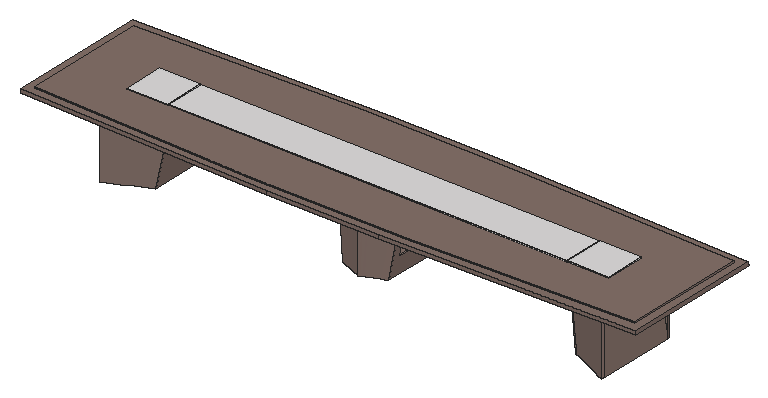
Revit family "Haworth_ExecutiveWoodTablesA5_Boat", category Furniture Systems, Revit 2018
Family settings
  Round Connector Dimension = Use Diameter
  Part Type = Normal
  OmniClass Number = 23.40.70.14.64.21
  OmniClass Title = Systems Furniture
  Work Plane-Based = No
  Always vertical = Yes
  Cut with Voids When Loaded = No
  Shared = No
  Room Calculation Point = No
Parameters (values of type "60/54d 240w")
  Width = 240"
  Warranty = "https://www.haworth.com/resources/product-info/warranties"
  URL - Product = "https://www.haworth.com/products/tables/conference/wood-conference"
  Trim Finish = Haworth _ Glass _ Frosted
  Top Thickness = 1 1/2"  # constant formula
  Top Finish [instance] = Haworth _ Wood _ Walnut
  Top Edge Finish [instance] = Haworth _ Wood _ Walnut
  Sustainability = "https://www.haworth.com/company-info/sustainability"
  Support Finish [instance] = Haworth _ Wood _ Walnut
  Standard Widths = "120in - 240in @ 12in increments"  # constant formula
  Standard Depths = "54in or 60in"  # constant formula
  Size = "Verify Final Dim. w/ Haworth"  # constant formula
  Power Module [instance] = yes
  Model = "Haworth Executive Wood Tables A5"
  URL = "https://www.haworth.com"
  Revision Number = "1"  # constant formula
  Min. Width = 120"  # constant formula
  Min. Depth = 54"  # constant formula
  Max. Width = 240"  # constant formula
  Max. Depth = 60"  # constant formula
  Manufacturer = "Haworth"  # constant formula
  Large = Actual Width > 155"  # yes
  Description = "Haworth Executive Wood Tables A5 Boat 60/54d 240w"
  Depth = 60"
  Custom Size = not(and(or(Depth = 54", Depth = 60"), or(Width = 120", Width = 132", Width = 144", Width = 156", Width = 168", Width = 180", Width = 192", Width = 204", Width = 216", Width = 228", Width = 240")))  # no
  Author = "Haworth (Abd Rahman)"  # constant formula
  Assembly Code = "E2020200"
  Actual Width = if(Width > Max. Width, Max. Width, if(Width < Min. Width, Min. Width, Width))  # 240"
  Actual Height = 29 1/2"  # constant formula
  Actual Depth = if(Depth > Max. Depth, Max. Depth, if(Depth < Min. Depth, Min. Depth, Depth))  # 60"
Types (7): name | Width | Large | Description | Depth | Actual Width | Actual Depth
  (no name) | 240" | yes | "Haworth Executive Wood Tables A5 Boat 60/54d 240w" | 60" | 240" | 60"
  60/54d 240w | 240" | yes | "Haworth Executive Wood Tables A5 Boat 60/54d 240w" | 60" | 240" | 60"
  60/54d 180w | 180" | yes | "Haworth Executive Wood Tables A5 Boat 60/54d 180w" | 60" | 180" | 60"
  60/54d 120w | 120" | no | "Haworth Executive Wood Tables A5 Boat 60/54d 120w" | 60" | 120" | 60"
  54/48d 120w | 120" | no | "Haworth Executive Wood Tables A5 Boat 54/48d 120w" | 54" | 120" | 54"
  54/48d 180w | 180" | yes | "Haworth Executive Wood Tables A5 Boat 54/48d 180w" | 54" | 180" | 54"
  54/48d 240w | 240" | yes | "Haworth Executive Wood Tables A5 Boat 54/48d 240w" | 54" | 240" | 54"
Reference planes (in)
  plane 1 "Center F/B": y = -0.15866
  plane 2 "Floor": z = 0
  plane 3 "Center L/R": x = -12
  plane 4 "Table Edge Left": x = -132
  plane 5 "Table Top": z = 29.5
  plane 6 "Table Top Bottom": z = 28
  plane 7 "Leg Outside Left": x = -110
  plane 8 "Leg Outside Right": x = 86
  plane 9 "Left Back": y = 29.84134
  plane 10 "Left Front": y = -30.15866
  plane 11 "Table Middle": z = 29
  plane 12 "Shelf Bottom": z = 29.875
  plane 13 "Shelf Top": z = 29.875
  plane 14 "Shelf 4": x = 65.6775
  plane 15 "Shelf 5": x = 65.9275
  plane 16 "Shelf 6": x = 82.0575
  plane 17 "Shelf 3": x = -89.6775
  plane 18 "Shelf 2": x = -89.9275
  plane 19 "Shelf 1": x = -106.0575
  plane 20 "Shelf Back": y = 7.93134
  plane 21 "Shelf Front": y = -8.24866
  plane 22 "Beam 2": y = -5.71578
  plane 23 "Beam 1": y = -6.71578
  plane 24 "Beam 3": y = 5.39846
  plane 25 "Beam 4": y = 6.39846
  plane 26 "Beam Bottom": z = 22.22715
  plane 27: x = 108
  plane 28: x = -128.87
  plane 29: x = 104.87
  plane 30: y = 26.71134
  plane 31: y = -27.02866
  plane 32: y = 7.93134
  plane 33: y = -8.24866
  plane 34: z = 29.5
  plane 35: z = 30.375
Forms (in)
  Extrusion 1, solid, material "Haworth _ Wood _ Walnut" <- "Top Edge Finish"
    sketch origin (0, 0, 0) x (1, 0, 0) y (0, 1, 0)
      loop
        line (-132, 27.21492) -> (-132, -27.53224)
        arc (-132, -27.53224) -> (-82.95532, -29.34163) -> (-33.88407, -30.15866) r 2426.30224
        line (-33.88407, -30.15866) -> (9.88407, -30.15866)
        arc (9.88407, -30.15866) -> (58.95532, -29.34163) -> (108, -27.53224) r 2426.30224
        line (108, -27.53224) -> (108, 27.21492)
        arc (108, 27.21492) -> (58.95532, 29.02431) -> (9.88407, 29.84134) r 2426.30224
        line (9.88407, 29.84134) -> (-33.88407, 29.84134)
        arc (-33.88407, 29.84134) -> (-82.95532, 29.02431) -> (-132, 27.21492) r 2426.30224
    from 28 to 29.5
  Extrusion 2, solid, material "Haworth _ Glass _ Frosted" <- "Trim Finish", visible <- "Power Module"
    sketch origin (-12, 0, 0) x (1, 0, 0) y (0, 1, 0)
      loop
        line (-94.0575, 7.93134) -> (-94.0575, -8.24866) -> (-77.9275, -8.24866) -> (-77.9275, 7.93134) -> (-94.0575, 7.93134)
      loop
        line (-77.6775, 7.93134) -> (-77.6775, -8.24866) -> (77.6775, -8.24866) -> (77.6775, 7.93134) -> (-77.6775, 7.93134)
      loop
        line (77.9275, 7.93134) -> (77.9275, -8.24866) -> (94.0575, -8.24866) -> (94.0575, 7.93134) -> (77.9275, 7.93134)
    from 29.875 to 30.375
  Extrusion 3, solid, material "Haworth _ Wood _ Walnut" <- "Support Finish"
    sketch origin (-0.21499, 1.81009, 0) x (-1, 0, 0) y (0, 0, 1)
      loop
        line (88.70017, 28) -> (-65.14063, 28) -> (-66.1425, 22.22715) -> (89.70204, 22.22715) -> (88.70017, 28)
    from 3.58837 to 4.58837
  Extrusion 4, solid, material "Haworth _ Wood _ Walnut" <- "Support Finish"
    sketch origin (-0.21499, -2.12741, 0) x (-1, 0, 0) y (0, 0, -1)
      loop
        line (88.70017, -28) -> (89.70204, -22.22715) -> (-66.1425, -22.22715) -> (-65.14063, -28) -> (88.70017, -28)
    from 3.58837 to 4.58837
  Extrusion 5, solid, material "Haworth _ Wood _ Walnut" <- "Top Finish"
    sketch origin (0, 0, 0) x (1, 0, 0) y (0, 1, 0)
      loop
        arc (-41.97494, 26.71134) -> (-85.43406, 25.74717) -> (-128.87, 24.03155) r 2513.40842
        line (-128.87, 24.03155) -> (-128.87, -24.34886)
        arc (-128.87, -24.34886) -> (-85.43403, -26.06449) -> (-41.97489, -27.02866) r 2513.40842
        line (-41.97489, -27.02866) -> (17.97489, -27.02866)
        arc (17.97489, -27.02866) -> (61.43403, -26.06449) -> (104.87, -24.34886) r 2513.40842
        line (104.87, -24.34886) -> (104.87, 24.03155)
        arc (104.87, 24.03155) -> (61.43406, 25.74717) -> (17.97494, 26.71134) r 2513.40842
        line (17.97494, 26.71134) -> (-41.97494, 26.71134)
    from 29.5 to 29.875
Lines and regions (in)
  Masking region 1
    outline origin (0, 0, 0) x (1, 0, 0) y (0, 1, 0)
      loop
        line (-132, 26.71134) -> (-132, -27.02866)
        arc (-132, -27.02866) -> (-12, -30.15866) -> (108, -27.02866) r 2301.88511
        line (108, -27.02866) -> (108, 26.71134)
        arc (108, 26.71134) -> (-12, 29.84134) -> (-132, 26.71134) r 2301.88458
  symbolic lines, style "Haworth", visible <- "Power Module"
    curve 1: line (-106.0575, 7.93134, 0) -> (82.0575, 7.93134, 0)
    curve 2: line (-106.0575, -8.24866, 0) -> (-106.0575, 7.93134, 0)
    curve 3: line (82.0575, -8.24866, 0) -> (-106.0575, -8.24866, 0)
    curve 4: line (82.0575, 7.93134, 0) -> (82.0575, -8.24866, 0)
Dimensions and locks (in)
  "Actual Height": plane 5 "Table Top" to level
  "Top Thickness": plane 5 "Table Top" to plane 6 "Table Top Bottom"
  plane 11 "Table Middle" to plane 6 "Table Top Bottom" = 1"
  "Actual Depth": plane 10 "Left Front" to plane 9 "Left Back"
  "Actual Width": plane 4 "Table Edge Left" to plane 27
  equal spacing: plane 4 "Table Edge Left", plane 3 "Center L/R", plane 27
  equal spacing: plane 9 "Left Back", plane 1 "Center F/B", plane 10 "Left Front"
  plane 4 "Table Edge Left" to plane 7 "Leg Outside Left" = 22"
  plane 8 "Leg Outside Right" to plane 27 = 22"
  plane 4 "Table Edge Left" to plane 28 to plane 7 "Leg Outside Left" to plane 19 "Shelf 1" to plane 18 "Shelf 2" to plane 17 "Shelf 3" = 3.13", 18.87", 3.9425", 16.13", 1/4"
  plane 14 "Shelf 4" to plane 15 "Shelf 5" to plane 16 "Shelf 6" to plane 8 "Leg Outside Right" to plane 29 to plane 27 = 1/4", 16.13", 3.9425", 18.87", 3.13"
  locked: plane 10 "Left Front" to plane 31 at 3.13
  locked: plane 9 "Left Back" to plane 30 at 3.13
  locked: plane 35 to plane 13 "Shelf Top" at 0.5
  aligned and locked: Extrusion 1 to plane 5 "Table Top"
  aligned: Extrusion 1 to plane 6 "Table Top Bottom"
  aligned and locked: plane 1 "Center F/B" to nested 1
  aligned and locked: plane 7 "Leg Outside Left" to nested 1
  aligned and locked: nested 2 to plane 1 "Center F/B"
  aligned and locked: plane 8 "Leg Outside Right" to nested 2
  aligned and locked: Extrusion 1 sketch curve to plane 27
  aligned and locked: Extrusion 3 to plane 15 "Shelf 5"
  aligned and locked: Extrusion 4 to Extrusion 3
  aligned and locked: Extrusion 4 to plane 15 "Shelf 5"
  aligned and locked: plane 29 to Extrusion 5 sketch curve
  aligned and locked: Extrusion 5 sketch curve to plane 28
  aligned and locked: Extrusion 5 sketch curve to plane 30
  aligned and locked: Extrusion 5 to plane 34
  aligned and locked: Extrusion 5 to plane 12 "Shelf Bottom"
  aligned and locked: Extrusion 5 to plane 13 "Shelf Top"
  aligned and locked: Extrusion 2 sketch curve to plane 16 "Shelf 6"
  aligned and locked: Extrusion 2 sketch curve to plane 32  (x3)
  aligned and locked: plane 33 to Extrusion 2 sketch curve  (x3)
  aligned and locked: plane 15 "Shelf 5" to Extrusion 2 sketch curve
  aligned and locked: Extrusion 2 sketch curve to plane 14 "Shelf 4"
  aligned and locked: Extrusion 2 sketch curve to plane 17 "Shelf 3"
  aligned and locked: plane 18 "Shelf 2" to Extrusion 2 sketch curve
  aligned and locked: Extrusion 2 sketch curve to plane 19 "Shelf 1"
  aligned and locked: Extrusion 5 sketch curve to plane 31
  aligned and locked: plane 10 "Left Front" to Extrusion 1
  aligned and locked: plane 28 to Extrusion 5  (x3)
  aligned and locked: Extrusion 5 to plane 29  (x4)
  aligned and locked: Extrusion 5 to plane 31
  aligned and locked: plane 30 to Extrusion 5
  aligned and locked: Extrusion 1 sketch curve to plane 4 "Table Edge Left"
  aligned and locked: Extrusion 1 sketch curve to plane 9 "Left Back"
  aligned and locked: Extrusion 1 to plane 27
  aligned and locked: Extrusion 1 to plane 4 "Table Edge Left"
  aligned and locked: Extrusion 2 to plane 35
  aligned and locked: plane 13 "Shelf Top" to Extrusion 2
  aligned and locked: plane 3 "Center L/R" to nested 3
  aligned and locked: plane 1 "Center F/B" to nested 3
Automatic sketch dimensions
  Extrusion 3 sketch curve to plane 15 "Shelf 5" = 0"
  Extrusion 3 sketch curve to plane 6 "Table Top Bottom" = 0"
  Extrusion 3 sketch curve to plane 18 "Shelf 2" = 0.01047"
  Extrusion 3 sketch curve to plane 26 "Beam Bottom" = 0"
  Extrusion 3 sketch curve to plane 14 "Shelf 4" = 0.75187"
  Extrusion 3 sketch curve to plane 17 "Shelf 3" = 0.76234"
  Extrusion 4 sketch curve to plane 15 "Shelf 5" = 0"
  Extrusion 4 sketch curve to plane 6 "Table Top Bottom" = 0"
  Extrusion 4 sketch curve to plane 18 "Shelf 2" = 0.01047"
  Extrusion 4 sketch curve to plane 26 "Beam Bottom" = 0"
  Extrusion 4 sketch curve to plane 14 "Shelf 4" = 0.75187"
  Extrusion 4 sketch curve to plane 17 "Shelf 3" = 0.76234"
  curve 3 to plane 19 "Shelf 1" = 0"
  curve 3 to plane 16 "Shelf 6" = 0"
  curve 3 to plane 21 "Shelf Front" = 0"
  curve 2 to plane 20 "Shelf Back" = 0"
  plane 31 to Extrusion 5 sketch curve = 2.6798"  (x2)
  Extrusion 5 sketch curve to plane 30 = 2.6798"  (x2)
  Extrusion 5 sketch curve to plane 3 "Center L/R" = 29.97489"
  Extrusion 5 sketch curve to plane 3 "Center L/R" = 4.04125"  (x2)
  plane 3 "Center L/R" to Extrusion 5 sketch curve = 4.04125"  (x2)
  plane 3 "Center L/R" to Extrusion 5 sketch curve = 29.97494"
  Extrusion 5 sketch curve to Extrusion 5 sketch curve = 0"  (x2)
  plane 10 "Left Front" to Extrusion 1 sketch curve = 0"
  Extrusion 1 sketch curve to plane 3 "Center L/R" = 21.88407"  (x2)
  Extrusion 1 sketch curve to plane 3 "Center L/R" = 6.02993"  (x2)
  plane 3 "Center L/R" to Extrusion 1 sketch curve = 6.02993"  (x2)
  Extrusion 1 sketch curve to Extrusion 1 sketch curve = 0"  (x2)
  plane 3 "Center L/R" to Extrusion 1 sketch curve = 21.88407"  (x2)
  Extrusion 1 sketch curve to plane 31 = 0.50358"
  plane 30 to Extrusion 1 sketch curve = 0.50358"
  Masking region 1 sketch curve to plane 4 "Table Edge Left" = 0"
  Masking region 1 sketch curve to plane 3 "Center L/R" = 0"  (x2)
  Masking region 1 sketch curve to plane 31 = 0"
  Masking region 1 sketch curve to plane 30 = 0"  (x2)
  plane 10 "Left Front" to Masking region 1 sketch curve = 2241.88458"
  plane 9 "Left Back" to Masking region 1 sketch curve = 2241.88511"
Nested families (in)
  nested 1: "Haworth_Executive-A5-Table-Base_End" at (-110, 0, 0), type "End"
  nested 2: "Haworth_Executive-A5-Table-Base_End" at (86, -0.31732, 0) x (-1, 0, 0) z (0, 0, 1), type "End"
  nested 3: "Haworth_Executive-A5-Table-Base_Middle" at (-12, 0, 0), visible <- "Large", type "Middle"
Definition of nested family "Haworth_Executive-A5-Table-Base_End"
  Parameters
    Warranty = "http://haworth.com/bottom-nav/product-info/warranty-info"
    URL - Product = "http://haworth.com/home/tables/executive/wood-conference-tables"
    Sustainability = "http://haworth.com/bottom-nav/company-info/sustainability"
    Support Finish = none
    Size = "Verify Final Dim. w/ Haworth"  # constant formula
    Model = "Haworth_Executive-A5-Table-Base_Middle"  # constant formula
    URL = "http://haworth.com/"
    Revision Number = "1"  # constant formula
    Manufacturer = "Haworth"  # constant formula
    Description = "Haworth_Executive-A5-Table-Base_Middle"
    Custom = "SPECIAL PRODUCT"  # constant formula
    Author = "Haworth (Hampton)"  # constant formula
    Assembly Code = "E2020200"
    Actual Width = 20 55/64"  # constant formula
    Actual Height = 28"  # constant formula
    Actual Depth = 32 25/32"  # constant formula
  Reference planes (in)
    plane 1 "Center F/B": y = -0.15866
    plane 2 "Floor": z = 0
    plane 3 "Center L/R": x = 0
    plane 4 "Table Base Right": x = 20.85937
    plane 5 "Front": y = -16.54928
    plane 6 "Back": y = 16.23197
    plane 7 "Table Top Bottom": z = 28
    plane 8 "Cut Top": z = 18.26903
    plane 9 "Cut Bottom": z = 6.42418
  Forms (in)
    Blend 1, solid, material <- "Support Finish"
      base sketch origin (0, 0, 0) x (1, 0, 0) y (0, 1, 0)
        loop
          line (-0.00489, -15.78374) -> (0.31696, -16.47395) -> (16, -9.15866) -> (15.2404, -8.67474) -> (-0.00489, -15.78374)
      top sketch origin (0, 0, 0) x (1, 0, 0) y (0, 1, 0)
        loop
          line (20.09729, -6.40715) -> (-0.00489, -15.78374) -> (0.31696, -16.47395) -> (20.85937, -6.89487) -> (20.09729, -6.40715)
      from 0 to 28
    Blend 2, solid, material <- "Support Finish"
      base sketch origin (0, -0.31732, 0) x (1, 0, 0) y (0, 1, 0)
        loop
          line (-0.00489, 15.78374) -> (15.2404, 8.67474) -> (16, 9.15866) -> (0.31696, 16.47395) -> (-0.00489, 15.78374)
      top sketch origin (0, -0.31732, 0) x (1, 0, 0) y (0, 1, 0)
        loop
          line (20.09729, 6.40715) -> (20.85937, 6.89487) -> (0.31696, 16.47395) -> (-0.00489, 15.78374) -> (20.09729, 6.40715)
      from 0 to 28
    Blend 3, solid, material <- "Support Finish"
      base sketch origin (0, 0, 0) x (1, 0, 0) y (0, 1, 0)
        loop
          line (15.2404, -8.67474) -> (16, -9.15866) -> (16, 8.84134) -> (15.2404, 8.35742) -> (15.2404, -8.67474)
      top sketch origin (0, 0, 28) x (-1, 0, 0) y (0, -1, 0)
        loop
          line (-20.09729, 6.40715) -> (-20.85937, 6.89487) -> (-20.85937, -6.57755) -> (-20.09729, -6.08983) -> (-20.09729, 6.40715)
      from 0 to 0
    Blend 4, solid, material <- "Support Finish"
      base sketch origin (0, 0, 0) x (1, 0, 0) y (0, 1, 0)
        loop
          line (-0.00489, -15.78374) -> (0.75449, -15.42953) -> (0.75449, 15.11221) -> (-0.00489, 15.46642) -> (-0.00489, -15.78374)
      top sketch origin (0, 0, 0) x (1, 0, 0) y (0, 1, 0)
        loop
          line (3.49656, -14.1505) -> (4.23615, -13.80562) -> (4.23615, 13.4883) -> (3.49656, 13.83318) -> (3.49656, -14.1505)
      from 0 to 27.21163
  Lines and regions (in)
    symbolic lines, detail levels fine
      curve 1: line (20.85937, 6.57755, 28) -> (0.31696, 16.15663, 28)
      curve 2: line (0.31696, 16.15663, 28) -> (-0.00489, 15.46642, 28)
      curve 3: line (-0.00489, -15.78374, 28) -> (0.31696, -16.47395, 28)
      curve 4: line (0.31696, -16.47395, 28) -> (20.85937, -6.89487, 28)
      curve 5: line (20.85937, -6.89487, 28) -> (20.85937, 6.57755, 28)
      curve 6: line (-0.00489, -15.78374, 28) -> (-0.00489, 15.46642, 28)
      curve 7: line (20.85937, -6.89487, 28) -> (20.85937, 6.57755, 28)
  Dimensions and locks (in)
    "Actual Depth": plane 6 "Back" to plane 5 "Front"
    equal spacing: plane 6 "Back", plane 1 "Center F/B", plane 5 "Front"
    "Actual Width": plane 3 "Center L/R" to plane 4 "Table Base Right"
    aligned and locked: Blend 4 to level
    aligned: plane 7 "Table Top Bottom" to Blend 4
  Automatic sketch dimensions
    Blend 1 sketch curve to plane 3 "Center L/R" = 0.00489"  (x2)
    plane 5 "Front" to Blend 1 sketch curve = 0.07533"  (x2)
    plane 3 "Center L/R" to Blend 1 sketch curve = 0.31696"  (x2)
    Blend 1 sketch curve to plane 4 "Table Base Right" = 5.61897"
    Blend 1 sketch curve to Blend 1 sketch curve = 0.7596"
    Blend 1 sketch curve to Blend 1 sketch curve = 0.69021"  (x2)
    Blend 1 sketch curve to Blend 1 sketch curve = 0.48392"
    Blend 1 sketch curve to plane 4 "Table Base Right" = 0"
    Blend 1 sketch curve to plane 4 "Table Base Right" = 0.76208"
    Blend 1 sketch curve to Blend 1 sketch curve = 0.48771"
    plane 3 "Center L/R" to Blend 2 sketch curve = 0.00489"  (x2)
    plane 6 "Back" to Blend 2 sketch curve = 0.07533"  (x2)
    Blend 2 sketch curve to plane 3 "Center L/R" = 0.31696"  (x2)
    plane 4 "Table Base Right" to Blend 2 sketch curve = 5.61897"
    Blend 2 sketch curve to Blend 2 sketch curve = 0.7596"
    Blend 2 sketch curve to Blend 2 sketch curve = 0.69021"  (x2)
    Blend 2 sketch curve to Blend 2 sketch curve = 0.48392"
    Blend 2 sketch curve to plane 4 "Table Base Right" = 0"
    plane 4 "Table Base Right" to Blend 2 sketch curve = 0.76208"
    Blend 2 sketch curve to Blend 2 sketch curve = 0.48771"
    Blend 3 sketch curve to plane 4 "Table Base Right" = 5.61897"
    Blend 3 sketch curve to Blend 3 sketch curve = 0.7596"
    plane 5 "Front" to Blend 3 sketch curve = 7 25/64"
    Blend 3 sketch curve to Blend 3 sketch curve = 0.48392"  (x2)
    Blend 3 sketch curve to plane 6 "Back" = 7.87454"
    Blend 3 sketch curve to plane 4 "Table Base Right" = 0"
    Blend 3 sketch curve to plane 4 "Table Base Right" = 0.76208"
    Blend 3 sketch curve to plane 1 "Center F/B" = 6.73621"
    Blend 3 sketch curve to Blend 3 sketch curve = 0.48771"  (x2)
    plane 1 "Center F/B" to Blend 3 sketch curve = 6.24849"
    Blend 4 sketch curve to plane 3 "Center L/R" = 0.00489"
    plane 3 "Center L/R" to Blend 4 sketch curve = 0.75449"
    plane 5 "Front" to Blend 4 sketch curve = 0.76555"
    Blend 4 sketch curve to Blend 4 sketch curve = 0.35421"
    Blend 4 sketch curve to plane 6 "Back" = 1.11976"
    Blend 4 sketch curve to plane 6 "Back" = 0.76555"
    plane 3 "Center L/R" to Blend 4 sketch curve = 3.49656"
    Blend 4 sketch curve to Blend 4 sketch curve = 0.73959"
    plane 5 "Front" to Blend 4 sketch curve = 2.39879"
    Blend 4 sketch curve to Blend 4 sketch curve = 0.34488"  (x2)
    Blend 4 sketch curve to plane 6 "Back" = 2.74366"
    curve 1 to plane 4 "Table Base Right" = 0"
    plane 5 "Front" to curve 4 = 0.07533"
    plane 3 "Center L/R" to curve 4 = 0.31696"
    curve 1 to plane 6 "Back" = 0.07533"
    plane 3 "Center L/R" to curve 1 = 0.31696"
    curve 6 to plane 3 "Center L/R" = 0.00489"
    curve 1 to curve 2 = 0.69021"
    plane 1 "Center F/B" to curve 5 = 6.73621"
Definition of nested family "Haworth_Executive-A5-Table-Base_Middle"
  Parameters (values of type "Middle")
    Warranty = "http://haworth.com/bottom-nav/product-info/warranty-info"
    URL - Product = "http://haworth.com/home/tables/executive/wood-conference-tables"
    Sustainability = "http://haworth.com/bottom-nav/company-info/sustainability"
    Support Finish = none
    Size = "Verify Final Dim. w/ Haworth"  # constant formula
    Model = "Haworth_Executive-A5-Table-Base_Middle"  # constant formula
    URL = "http://haworth.com/"
    Revision Number = "1"  # constant formula
    Manufacturer = "Haworth"  # constant formula
    Description = "Haworth_Executive-A5-Table-Base_Middle"
    Custom = "SPECIAL PRODUCT"  # constant formula
    Author = "Haworth (Hampton)"  # constant formula
    Assembly Code = "E2020200"
    Actual Width = 25 3/4"  # constant formula
    Actual Height = 29 1/2"  # constant formula
    Actual Depth = 25 7/16"  # constant formula
  Reference planes (in)
    plane 1 "Center F/B": y = -0.15866
    plane 2 "Floor": z = 0
    plane 3 "Center L/R": x = 0
    plane 4 "Table Edge Left": x = -12.875
    plane 5 "Table Edge Right": x = 12.875
    plane 6 "Front": y = -12.87741
    plane 7 "Back": y = 12.56009
    plane 8 "Table Top Bottom": z = 28
    plane 9 "Bottom Offset Back": y = 8.81009
    plane 10 "Bottom Offset Front": y = -9.12741
    plane 11 "Top Offset Back": y = 6.56009
    plane 12 "Top Offset Front": y = -6.87741
    plane 13 "Bottom Right Offset": x = 8.81989
    plane 14 "Bottom Left Offset": x = -8.81989
    plane 15 "Cut Left": y = -5.04055
    plane 16 "Cut Right": y = 4.72323
    plane 17 "Cut Top": z = 18.26903
    plane 18 "Cut Bottom": z = 6.42418
  Forms (in)
    Blend 1, solid, material <- "Support Finish"
      base sketch origin (0, 0, 0) x (1, 0, 0) y (0, 1, 0)
        loop
          line (0, 12.56009) -> (-8.81989, 8.81009) -> (-8.81989, -9.12741) -> (0, -12.87741) -> (8.81989, -9.12741) -> (8.81989, 8.81009) -> (0, 12.56009)
      top sketch origin (0, 0, 0) x (1, 0, 0) y (0, 1, 0)
        loop
          line (0, 12.56009) -> (-12.875, 6.56009) -> (-12.875, -6.87741) -> (0, -12.87741) -> (12.875, -6.87741) -> (12.875, 6.56009) -> (0, 12.56009)
      from 0 to 28
    Blend 2, void
      base sketch origin (0, 0, 0) x (1, 0, 0) y (0, 1, 0)
        loop
          line (-8.06989, 8.314) -> (-8.06989, -8.63131) -> (0, -12.06243) -> (8.06989, -8.63131) -> (8.06989, 8.314) -> (0, 11.74512) -> (-8.06989, 8.314)
      top sketch origin (0, 0, 0) x (1, 0, 0) y (0, 1, 0)
        loop
          line (0, 11.73265) -> (-12.125, 6.08216) -> (-12.125, -6.39948) -> (0, -12.04997) -> (12.125, -6.39948) -> (12.125, 6.08216) -> (0, 11.73265)
      from 1.00769 to 28
    Extrusion 3, void
      sketch origin (0, 0, 0) x (0, 1, 0) y (0, 0, 1)
        loop
          line (-5.04055, 18.26903) -> (-5.04055, 6.42418) -> (4.72323, 6.42418) -> (4.72323, 18.26903) -> (-5.04055, 18.26903)
      from -15.83304 to 16.09976
  Cuts and joins
    Blend 2, Extrusion 3 cuts Blend 1
  Lines and regions (in)
    symbolic lines, detail levels fine
      curve 1: line (0, 12.56009, 0) -> (-12.875, 6.56009, 0)
      curve 2: line (-12.875, 6.56009, 0) -> (-12.875, -6.87741, 0)
      curve 3: line (-12.875, -6.87741, 0) -> (0, -12.87741, 0)
      curve 4: line (0, -12.87741, 0) -> (12.875, -6.87741, 0)
      curve 5: line (12.875, -6.87741, 0) -> (12.875, 6.56009, 0)
      curve 6: line (12.875, 6.56009, 0) -> (0, 12.56009, 0)
  Dimensions and locks (in)
    "Actual Depth": plane 7 "Back" to plane 6 "Front"
    "Actual Width": plane 4 "Table Edge Left" to plane 5 "Table Edge Right"
    equal spacing: plane 4 "Table Edge Left", plane 3 "Center L/R", plane 5 "Table Edge Right"
    equal spacing: plane 7 "Back", plane 1 "Center F/B", plane 6 "Front"
    plane 10 "Bottom Offset Front" to plane 6 "Front" = 3 3/4"
    plane 7 "Back" to plane 9 "Bottom Offset Back" = 3 3/4"
    plane 12 "Top Offset Front" to plane 6 "Front" = 6"
    plane 7 "Back" to plane 11 "Top Offset Back" = 6"
    aligned and locked: Blend 1 to level
    aligned and locked: plane 8 "Table Top Bottom" to Blend 1
    aligned and locked: Extrusion 3 sketch curve to plane 17 "Cut Top"
    aligned and locked: plane 15 "Cut Left" to Extrusion 3 sketch curve
    aligned and locked: plane 18 "Cut Bottom" to Extrusion 3 sketch curve
    aligned and locked: plane 16 "Cut Right" to Extrusion 3 sketch curve
  Automatic sketch dimensions
    Blend 1 sketch curve to plane 9 "Bottom Offset Back" = 0"  (x2)
    Blend 1 sketch curve to plane 14 "Bottom Left Offset" = 0"
    Blend 1 sketch curve to plane 3 "Center L/R" = 0"  (x4)
    Blend 1 sketch curve to plane 13 "Bottom Right Offset" = 0"
    Blend 1 sketch curve to plane 6 "Front" = 0"  (x2)
    plane 10 "Bottom Offset Front" to Blend 1 sketch curve = 0"  (x2)
    Blend 1 sketch curve to plane 7 "Back" = 0"  (x2)
    Blend 1 sketch curve to plane 4 "Table Edge Left" = 0"
    Blend 1 sketch curve to plane 5 "Table Edge Right" = 0"
    plane 12 "Top Offset Front" to Blend 1 sketch curve = 0"  (x2)
    Blend 1 sketch curve to plane 11 "Top Offset Back" = 0"  (x2)
    Blend 2 sketch curve to plane 9 "Bottom Offset Back" = 127/256"  (x2)
    Blend 2 sketch curve to plane 14 "Bottom Left Offset" = 3/4"
    plane 3 "Center L/R" to Blend 2 sketch curve = 0"  (x2)
    Blend 2 sketch curve to plane 10 "Bottom Offset Front" = 127/256"  (x2)
    Blend 2 sketch curve to plane 7 "Back" = 0.81498"
    Blend 2 sketch curve to plane 3 "Center L/R" = 0"  (x2)
    plane 6 "Front" to Blend 2 sketch curve = 0.81498"
    Blend 2 sketch curve to plane 13 "Bottom Right Offset" = 3/4"
    plane 4 "Table Edge Left" to Blend 2 sketch curve = 3/4"
    Blend 2 sketch curve to plane 12 "Top Offset Front" = 0.47793"  (x2)
    Blend 2 sketch curve to plane 11 "Top Offset Back" = 0.47793"  (x2)
    Blend 2 sketch curve to plane 7 "Back" = 0.82744"
    plane 6 "Front" to Blend 2 sketch curve = 0.82744"
    Blend 2 sketch curve to plane 5 "Table Edge Right" = 3/4"
    curve 1 to plane 4 "Table Edge Left" = 0"
    curve 3 to plane 3 "Center L/R" = 0"
    curve 6 to plane 3 "Center L/R" = 0"
    curve 6 to plane 5 "Table Edge Right" = 0"
    curve 4 to plane 6 "Front" = 0"
    plane 12 "Top Offset Front" to curve 2 = 0"
    plane 12 "Top Offset Front" to curve 4 = 0"
    curve 6 to plane 11 "Top Offset Back" = 0"
    curve 1 to plane 11 "Top Offset Back" = 0"
    curve 6 to plane 7 "Back" = 0"
